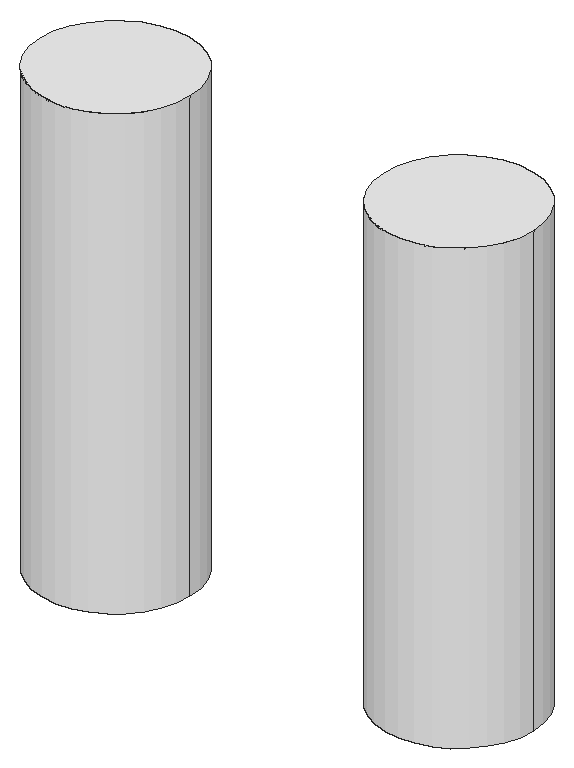
Revit family "92302239(2023)", category Plumbing Fixtures, Revit 2020
Family settings
  Round Connector Dimension = Use Diameter
  Part Type = Normal
  OmniClass Number = 23.45.55.00
  OmniClass Title = Sanitary Faucets, Wastes
  Work Plane-Based = No
  Always vertical = Yes
  Cut with Voids When Loaded = No
  Shared = No
  Room Calculation Point = No
Parameters (values of type "92302239 Washbasin faucet, Bluetooth")
  Working Pressure = "100 - 1000 kPa"
  WarrantyStartDate [instance] = "n/a"
  WarrantyGuarantorParts = "n/a"
  WarrantyGuarantorLabor = "n/a"
  WarrantyDurationUnit = "Year"
  WarrantyDurationParts = "n/a"
  WarrantyDurationLabor = "n/a"
  WarrantyDescription = "http://warranty.hansa.com"
  Warranty Information URL = "http://warranty.hansa.com"
  VersionDate = "01/06/2023"
  Version = "1"
  ValvePattern = "n/a"
  ValveOperation = "n/a"
  ValveMechanism = "n/a"
  Uniclass2015Reference = "Pr_40_20_87_96"
  Uniclass2015Description = "Washbasin manual water supply sets"
  Uniclass2 = "Pr_40_30_96_96"
  URL WEEE = "http://static.hansa.com/WEEE/92302239"
  URL UWL = "http://static.hansa.com/UWL/92302239"
  URL REACH = "http://static.hansa.com/doc/reach"
  URL EcoLabel Declaration = "http://static.hansa.com/doc/EcoLabel"
  URL EU Packaging Declaration = "http://static.hansa.com/doc/packaging"
  URL Declaration of SCIP = "http://static.hansa.com/doc/SCIP"
  URL Declaration of Conformity = "http://static.hansa.com/DoC/92302239"
  URL Declaration of Asbestos = "http://static.hansa.com/doc/asbestos"
  URL Declaration Of Performance (DOP) = "http://static.hansa.com/doc/DoP"
  URL = ""
  UNSPSC Class Number = "30181700 Faucets or taps"
  Type Comments = ""
  TestPressure = "n/a"
  Temperature Adjustments = "Adjustable hot water stop (included, retrofittable)"
  Technical DataSheet URL = "http://www.hansa.com/datasheet/92302239/en"
  TagNumber [instance] = "n/a"
  SustainabilityPerformance = "n/a"
  Surface treatment = "Chrome"
  Spout Type = "Fixed spout"
  Spout Projection = "117 mm"
  Size = "70x165x135 mm"
  Shape = "Sculptured"
  SerialNumber [instance] = "n/a"
  Sales Package dimensions (LxWxH) = "284 x 191 x 83.5"
  Revision = "n/a"
  ReplacementCost = "n/a"
  Protection Class = "IP 55"
  ProductInformation = "n/a"
  Product URL = "http://static.hansa.com/92302239"
  Product Image URL = "http://static.hansa.com/image/92302239"
  Product Family = "HANSAELECTRA Digital+"
  Product Code = "92302239"
  OperatingMechanismMaterial = "n/a"
  Operating Voltage = 0 V
  Operating Distance = "20-130 mm (110/130/160 mm)"
  NominalWidth = 69.286 mm
  NominalHeight = 135.012 mm
  NominalDepth = 163.081 mm
  Noise Class = "I (ISO 3822) "
  Name_en = "92302239 Washbasin faucet, Bluetooth"
  Name = "92302239 Washbasin faucet, Bluetooth"
  NBSReference = "45-35-70/371"
  NBSDescription = "Water supply fittings for wash basins and troughs"
  Mounting Holes = "1 hole"
  ModelReference = "92302239"
  ModelNumber = "n/a"
  Model = "92302239 Washbasin faucet, Bluetooth"
  Mobile Product Information URL = "http://mpi.hansa.com/92302239"
  Mechanical Parts = "Mixing valve for manual temperature control;Non-return valve(s);Litter filter(s)"
  Max. Hot Water Supply = 70 °C
  Max Flow Period = "2 min (1 - 1800 s)"
  Material = "Composite"
  Market = "International;Finland;Norway;Sweden;Denmark;Poland;Estonia;Lithuania;Latvia"
  ManufacturerURL = "http://www.hansa.com"
  ManufacturerName = "HANSA"
  Manufacturer = "HANSA"
  Long Marketing = "Electra 92 series is giving you a whole new modern design with its rounded square body and spout. Giving you new fresh and updated design.\nDesign compliments the new trends of the modern bathroom with its more squared design.\n\nKey Features\nAerator with Tilt function +/- 10° for more flexible installation\nNewest Sensor technology for better detection and operation comfort\nBluetooth technology for easy adjustment to personalize settings \nAntiscalding protection\nTemperature measurement\nDigital Network Service\nDigital power module"
  Lever Handle = "Temperature control handle"
  Keynote = ""
  InstallationDate [instance] = "n/a"
  Installation Type = "Deck mounted"
  InletConnectionSize = 10 mm
  IfcExportType = "FAUCET"  # constant formula
  IfcExportAs = "IfcValveType"  # constant formula
  Group = "Washbasin faucet"
  Grade = "n/a"
  FlowCoefficient = 0
  Flow Rate At 300kPa With Flow Controller = 0.08 L/s
  Flow Rate At 300kPa = 0.12 L/s
  Flow Drawing URL = "http://static.hansa.com/flowchart/92302239"
  Finish = "Polished"
  Features = "Touchless;Self-powered;Bluetooth®;Lead free"
  FaucetMainMaterial = Brass
  FDV Document URL = "http://www.hansa.com/datasheet/92302239/en/fdv"
  ExpectedLife = "n/a"
  Electronic Parts = ";Power supply;Light indicated function(s)"
  ETIM Class Number = "EC010340 Electronic tap"
  EN Standard = "EN 15091"
  EMC Directive = "2014/53/EU , 2011/65/EU"
  EAN Number = "4057304019487"
  DurationUnit = "Year"
  Dimension Drawing URL = "http://static.hansa.com/dimdrw/92302239"
  Description = ""
  DefaultElevation [instance] = 900 mm
  Default Elevation = 0 mm
  Constituents = "n/a"
  Connection Size = "G3/8"
  Connection = "Flexible inlet pipes"
  Color = "Chrome"
  CodePerformance = "n/a"
  CloseOffRating = 0
  Catalog Drawing URL = "http://static.hansa.com/catdrw/92302239"
  Brand = "HANSA"
  BodyMaterial = "Brass"
  Bluetooth = "5.x (D060576)"
  Battery = "LS17500 A Li-SOCl2 Lithium 3.6V"
  Barcode [instance] = "n/a"
  Backflow Prevention EN1717 = "EB"
  BIMObjectName = "92302239(2023)"
  Automatic Flush Period = "30 s (1-1800 s)"
  Automatic Flush Frequency = "off (off/1-120 h)"
  Author = "BIMStone"
  AssetType = "Fixed"
  AssetIdentifier [instance] = "n/a"
  Afterflow Period = "3 s (1-20 s)"
  Aerator = "PCA® - constant flow rate regardless of pressure variations;Adjustable flow angle"
  Advanced Features = "3S-installation system for safe and simple mounting"
  AccessibilityPerformance = "n/a"
  2D/3D/BIM Files URL = "http://static.hansa.com/bim/92302239"
Reference planes
  plane 1 "Center (Front/Back)": y = 0
  plane 2: z = 0
  plane 3 "Center (Left/Right)": x = 0
  plane 4: x = -27.304
  plane 5: z = 900
  plane 6: z = 870
  plane 7: y = -163.081
  plane 8: x = 27.304
  plane 9: z = 1035.012
  plane 10: x = 41.982
Forms (mm)
  Extrusion 1, solid, material "Brass" <- "FaucetMainMaterial"
    sketch origin (0, -2.393, 0) x (1, 0, 0) y (0, 1, 0)
      loop
        circle (-11.5, -22.5) r 5
      loop
        circle (11.5, -22.5) r 5
    from 870 to 900
Dimensions and locks
  "DefaultElevation": plane 5 to level
  locked: plane 5 to plane 6 at 30
  "NominalDepth": plane 7 to plane 1 "Center (Front/Back)"
  equal spacing: plane 4, plane 3 "Center (Left/Right)", plane 8
  "NominalHeight": plane 9 to plane 5
  locked: plane 8 to plane 10 at 14.678
  "NominalWidth": plane 4 to plane 10
  "InletConnectionSize": diameter of Extrusion 1 sketch curve  (x2)
  aligned and locked: level to plane 2
  aligned and locked: plane 5 to Extrusion 1
  aligned and locked: Extrusion 1 to plane 6
  aligned and locked: plane 1 "Center (Front/Back)" to nested 2
  aligned and locked: plane 3 "Center (Left/Right)" to nested 2
  aligned and locked: plane 3 "Center (Left/Right)" to nested 1
  aligned and locked: plane 1 "Center (Front/Back)" to nested 1
  aligned and locked: plane 5 to nested 2
Automatic sketch dimensions
  Extrusion 1 sketch curve to plane 3 "Center (Left/Right)" = 11.5 mm
  plane 3 "Center (Left/Right)" to Extrusion 1 sketch curve = 11.5 mm
  plane 1 "Center (Front/Back)" to Extrusion 1 sketch curve = 24.893 mm
  Extrusion 1 sketch curve to Extrusion 1 sketch curve = 0 mm
Nested families
  nested 1: "Symbol" at (0, 0, 0), type "Symbol", detail levels coarse
  nested 2: "92302239(2023)_Body" at (0, 0, 900), Material <- "FaucetMainMaterial", type "92302239(2023)_Body"
    with Material Brass
Connectors
  piping at (-11.5, -24.893, 870), diameter 10, driven by "InletConnectionSize"
    settings: on Extrusion 1, index 1, connector inside diameter 609.6 mm, connector length 0 mm, flow factor 0, pipe flow 0.2 L/s, pressure drop 0.0 Pa, fitting loss kfactor 0, connector angle 0.00°, fixture units 0, engagement length 0 mm, angle of deflection 0.00°, flow configuration 1, flow direction 1, fitting loss method 0, system type 19, joint type 0, gender type 0, connector reference index -1, connector utility 0, adjustable connector no, is connector primary yes, connector description ""
  piping at (11.5, -24.893, 870), diameter 10, driven by "InletConnectionSize"
    settings: on Extrusion 1, index 2, connector inside diameter 609.6 mm, connector length 0 mm, flow factor 0, pipe flow 0.2 L/s, pressure drop 0.0 Pa, fitting loss kfactor 0, connector angle 0.00°, fixture units 0, engagement length 0 mm, angle of deflection 0.00°, flow configuration 1, flow direction 1, fitting loss method 0, system type 20, joint type 0, gender type 0, connector reference index -1, connector utility 0, adjustable connector no, is connector primary no, connector description ""
Definition of nested family "Symbol"
  Reference planes
    plane 1: y = 0
    plane 2: x = 0
  Lines and regions (mm)
    detail lines
      curve 1: line (0, 0, 0) -> (0, -1.8, 0)
      curve 2: line (-0.4, -1.1, 0) -> (0.4, -1.1, 0)
      curve 3: line (-0.4, -1.4, 0) -> (0.4, -1.4, 0)
      curve 4: line (0.863, 0, 0) -> (-0.863, 0, 0)
      curve 5: circle (-1.163, 0, 0) r 0.3 normal (0, 0, -1)
      curve 6: circle (1.163, 0, 0) r 0.3 normal (0, 0, 1)
